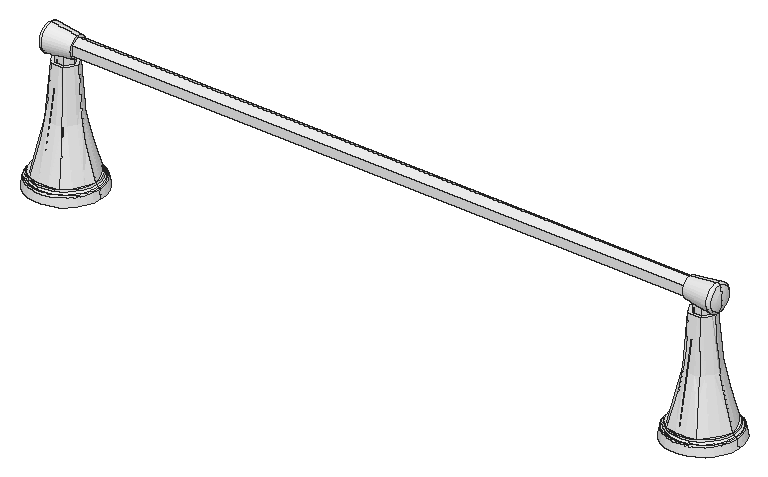
Revit family "Towel_Bar-DXV-Fitzgerald-D35160180_Series", category Specialty Equipment, host Face, Revit 2014
Parameters (values of type "D35160180.100")
  Width = 18"  # constant formula
  URL = "http://www.dxv.com"
  Type Comments = ""
  Product Page URL = "https://www.dxv.com/product/fitzgerald-18-inch-towel-bar"
  Product Documentation Link = "https://dxv01.blob.core.windows.net/dxv-product-pdf-files/spec_D35160180_DXV_Fitzgerald_18in_towelbar_EN.pdf"
  Price = "Prices may vary. Please consult Manufacturer Representative for most up-to-date price list."  # constant formula
  Model = "D35160180.100"
  Material = "Metal-DXV-100-Polished Chrome"
  Finish = Metal-DXV-100-Polished Chrome
  Manufacturer = "DXV"
  Length = 4"  # constant formula
  Installation Type = "Wall Mounted"
  Height = 2"  # constant formula
  Description = "Fitzgerald 18\" Towel Bar"
  Default Elevation = 40"  # constant formula
  Creation Date = "10/25/2018"  # constant formula
  Assembly Code = "E1090400"
Types (4): name | Model | Material | Finish
  (no name) | "D35160180.100" | "Metal-DXV-100-Polished Chrome" | Metal-DXV-100-Polished Chrome
  D35160180.100 | "D35160180.100" | "Metal-DXV-100-Polished Chrome" | Metal-DXV-100-Polished Chrome
  D35160180.144 | "D35160180.144" | "Metal-DXV-144-Brushed Nickel" | Metal-DXV-144-Brushed Nickel
  D35160180.150 | "D35160180.150" | "Metal-DXV-150-Platinum Nickel" | Metal-DXV-150-Platinum Nickel
Reference planes (in)
  plane 1 "Center (Front/Back)": y = 0
  plane 2: z = 0
  plane 3 "Center (Left/Right)": x = 0
  plane 4: x = -9
  plane 5: x = 9
  plane 6: x = -10
  plane 7: x = -8
  plane 8: x = 10
  plane 9: x = 8
  plane 10: y = 1
  plane 11: y = -1
  plane 12: z = 4
  plane 13: z = 3.625
Forms (in)
  Revolve 1, solid, material "Metal-DXV-100-Polished Chrome" <- "Finish"
    sketch origin (0, 0, 0) x (1, 0, 0) y (0, 0, 1)
      loop
        line (9, 0) -> (10, 0) -> (9.95994, 0.2272)
        arc (9.95994, 0.2272) -> (9.95284, 0.24333) -> (9.9391, 0.25436) r 0.03707
        line (9.9391, 0.25436) -> (9.90162, 0.27183)
        arc (9.90162, 0.27183) -> (9.87732, 0.29134) -> (9.86477, 0.31986) r 0.06555
        line (9.86477, 0.31986) -> (9.85725, 0.36251) -> (9, 0.36251) -> (9, 0)
      axis (9, 0.36251) -> (9, 0)
    angle from 0 to 360
  Revolve 2, solid, material "Metal-DXV-100-Polished Chrome" <- "Finish"
    sketch origin (0, 0, 0) x (-1, 0, 0) y (0, 0, -1)
      loop
        line (9, 0) -> (9, -0.36251) -> (9.85725, -0.36251) -> (9.86477, -0.31986)
        arc (9.86477, -0.31986) -> (9.87732, -0.29134) -> (9.90162, -0.27183) r 0.06555
        line (9.90162, -0.27183) -> (9.9391, -0.25436)
        arc (9.9391, -0.25436) -> (9.95284, -0.24333) -> (9.95994, -0.2272) r 0.03707
        line (9.95994, -0.2272) -> (10, 0) -> (9, 0)
      axis (9, -0.36251) -> (9, 0)
    angle from 0 to 360
  Sweep 3, solid, material "Metal-DXV-100-Polished Chrome" <- "Finish"
    path origin (0, 0, 0) x (-1, 0, 0) y (0, 1, 0)
      loop
        arc (-9.84535, 0) -> (-9.68233, -0.39394) -> (-9.42267, -0.73209) r 1.62891
        arc (-9.42267, -0.73209) -> (-9, -0.78789) -> (-8.57733, -0.73209) r 1.62891
        arc (-8.57733, -0.73209) -> (-8.31767, -0.39394) -> (-8.15465, 0) r 1.62891
        arc (-8.15465, 0) -> (-8.31767, 0.39394) -> (-8.57733, 0.73209) r 1.62891
        arc (-8.57733, 0.73209) -> (-9, 0.78789) -> (-9.42267, 0.73209) r 1.62891
        arc (-9.42267, 0.73209) -> (-9.68229, 0.39392) -> (-9.84535, 0) r 1.63036
    profile origin (9, 0.78789, 0) x (0, -1, 0) y (0, 0, 1)
      loop
        line (0, 0.36251) -> (0.28451, 0.36251) -> (0.60073, 2.93784) -> (0.60073, 3.77025) -> (0.56581, 3.77025) -> (0.56581, 3.16869) -> (0.46102, 3.16869)
        arc (0.46102, 3.16869) -> (0.34427, 1.74691) -> (0, 0.36251) r 8.82597
  Revolve 4, solid, material "Metal-DXV-100-Polished Chrome" <- "Finish"
    sketch origin (0, 0, 0) x (1, 0, 0) y (0, 0, 1)
      loop
        line (8.64363, 3.625) -> (9.54067, 3.625)
        arc (9.54067, 3.625) -> (9.5244, 3.7904) -> (9.47529, 3.94919) r 0.82487
        arc (9.47529, 3.94919) -> (9.43934, 3.98987) -> (9.38613, 4.0007) r 0.08552
        line (9.38613, 4.0007) -> (8.64363, 3.90953) -> (8.64363, 3.625)
      loop
        line (-8.64363, 3.625) -> (-8.64363, 3.90953) -> (-9.38613, 4.0007)
        arc (-9.38613, 4.0007) -> (-9.43934, 3.98987) -> (-9.47529, 3.94919) r 0.08552
        arc (-9.47529, 3.94919) -> (-9.5244, 3.7904) -> (-9.54067, 3.625) r 0.82487
        line (-9.54067, 3.625) -> (-8.64363, 3.625)
      axis (-9.54067, 3.625) -> (9.54067, 3.625)
    angle from 0 to 360
  Sweep 5, solid, material "Metal-DXV-100-Polished Chrome" <- "Finish"
    path origin (0, 0, 0) x (1, 0, 0) y (0, 1, 0)
      loop
        arc (-9.84535, 0) -> (-9.68233, -0.39394) -> (-9.42267, -0.73209) r 1.62891
        arc (-9.42267, -0.73209) -> (-9, -0.78789) -> (-8.57733, -0.73209) r 1.62891
        arc (-8.57733, -0.73209) -> (-8.31767, -0.39394) -> (-8.15465, 0) r 1.62891
        arc (-8.15465, 0) -> (-8.31767, 0.39394) -> (-8.57733, 0.73209) r 1.62891
        arc (-8.57733, 0.73209) -> (-9, 0.78789) -> (-9.42267, 0.73209) r 1.62891
        arc (-9.42267, 0.73209) -> (-9.68229, 0.39392) -> (-9.84535, 0) r 1.63036
    profile origin (-9, 0.78789, 0) x (0, 1, 0) y (0, 0, 1)
      loop
        arc (0, 0.36251) -> (-0.34427, 1.74691) -> (-0.46102, 3.16869) r 8.82597
        line (-0.46102, 3.16869) -> (-0.56581, 3.16869) -> (-0.56581, 3.77025) -> (-0.60073, 3.77025) -> (-0.60073, 2.93784) -> (-0.28451, 0.36251) -> (0, 0.36251)
  Extrusion 6, solid, material "Metal-DXV-100-Polished Chrome" <- "Finish"
    sketch origin (0, 0, 0) x (0, 1, 0) y (0, 0, 1)
      loop
        line (0, 3.88981) -> (-0.22933, 3.75741) -> (-0.22933, 3.49259) -> (0, 3.36019) -> (0.22933, 3.49259) -> (0.22933, 3.75741) -> (0, 3.88981)
    from -8.64363 to 8.64363
Cuts and joins
  joined: Revolve 1, Revolve 2, Sweep 3, Revolve 4, Sweep 5, Extrusion 6
Lines and regions (in)
  Masking region 1
    outline origin (0, 0, 0) x (1, 0, 0) y (0, 0, 1)
      loop
        line (8, 0) -> (10, 0) -> (9.95929, 0.2309)
        arc (9.95929, 0.2309) -> (9.95118, 0.25231) -> (9.93578, 0.26925) r 0.06136
        line (9.93578, 0.26925) -> (9.90326, 0.29376)
        arc (9.90326, 0.29376) -> (9.89136, 0.30687) -> (9.88508, 0.32343) r 0.04747
        line (9.88508, 0.32343) -> (9.87819, 0.36251) -> (9.84535, 0.36251)
        arc (9.84535, 0.36251) -> (9.49196, 1.7464) -> (9.36101, 3.16868) r 9.0375
        line (9.36101, 3.16868) -> (9.24694, 3.16868) -> (9.24694, 3.2677) -> (9.38567, 3.2482)
        arc (9.38567, 3.2482) -> (9.43386, 3.25694) -> (9.46736, 3.29265) r 0.07808
        arc (9.46736, 3.29265) -> (9.5411, 3.61958) -> (9.47337, 3.94781) r 0.79391
        arc (9.47337, 3.94781) -> (9.43465, 3.99024) -> (9.37818, 4.00074) r 0.09033
        line (9.37818, 4.00074) -> (8.64363, 3.90953) -> (8.64363, 3.87036) -> (-8.64363, 3.87036) -> (-8.64363, 3.90953) -> (-9.37818, 4.00074)
        arc (-9.37818, 4.00074) -> (-9.43465, 3.99024) -> (-9.47337, 3.94781) r 0.09033
        arc (-9.47337, 3.94781) -> (-9.5411, 3.61958) -> (-9.46736, 3.29265) r 0.79391
        arc (-9.46736, 3.29265) -> (-9.43386, 3.25694) -> (-9.38567, 3.2482) r 0.07808
        line (-9.38567, 3.2482) -> (-9.24694, 3.2677) -> (-9.24694, 3.16868) -> (-9.36101, 3.16868)
        arc (-9.36101, 3.16868) -> (-9.49196, 1.7464) -> (-9.84535, 0.36251) r 9.0375
        line (-9.84535, 0.36251) -> (-9.87819, 0.36251) -> (-9.88508, 0.32343)
        arc (-9.88508, 0.32343) -> (-9.89136, 0.30687) -> (-9.90326, 0.29376) r 0.04747
        line (-9.90326, 0.29376) -> (-9.93578, 0.26925)
        arc (-9.93578, 0.26925) -> (-9.95118, 0.25231) -> (-9.95929, 0.2309) r 0.06136
        line (-9.95929, 0.2309) -> (-10, 0) -> (-8, 0) -> (-8.04071, 0.2309)
        arc (-8.04071, 0.2309) -> (-8.04882, 0.25231) -> (-8.06422, 0.26925) r 0.06136
        line (-8.06422, 0.26925) -> (-8.09674, 0.29376)
        arc (-8.09674, 0.29376) -> (-8.10864, 0.30687) -> (-8.11492, 0.32343) r 0.04747
        line (-8.11492, 0.32343) -> (-8.12181, 0.36251) -> (-8.15465, 0.36251)
        arc (-8.15465, 0.36251) -> (-8.50804, 1.7464) -> (-8.63899, 3.16868) r 9.0375
        line (-8.63899, 3.16868) -> (-8.75306, 3.16868) -> (-8.75306, 3.32897) -> (-8.64363, 3.34047) -> (-8.64363, 3.37964) -> (8.64363, 3.37964) -> (8.64363, 3.34047) -> (8.75306, 3.32897) -> (8.75306, 3.16868) -> (8.63899, 3.16868)
        arc (8.63899, 3.16868) -> (8.50804, 1.7464) -> (8.15465, 0.36251) r 9.0375
        line (8.15465, 0.36251) -> (8.12181, 0.36251) -> (8.11492, 0.32343)
        arc (8.11492, 0.32343) -> (8.10864, 0.30687) -> (8.09674, 0.29376) r 0.04747
        line (8.09674, 0.29376) -> (8.06422, 0.26925)
        arc (8.06422, 0.26925) -> (8.04882, 0.25231) -> (8.04071, 0.2309) r 0.06136
        line (8.04071, 0.2309) -> (8, 0)
  symbolic lines, detail levels medium+fine
    curve 1: line (9.24803, 0, 3.16869) -> (8.74803, 0, 3.16869)
    curve 2: line (9.24805, 0, 3.2662) -> (8.75306, 0, 3.32897)
    curve 9: line (-9.24803, 0, 3.16869) -> (-8.74803, 0, 3.16869)
    curve 10: line (-9.24805, 0, 3.2662) -> (-8.75306, 0, 3.32897)
  symbolic lines, detail levels fine
    curve 3: line (8.64363, 0, 3.87036) -> (8.64363, 0, 3.36019)
    curve 4: line (9.84535, 0, 0.36251) -> (8.15465, 0, 0.36251)
    curve 5: arc (9.12403, 0, 3.16869) -> (9.24565, 0, 1.76265) -> (9.42267, 0, 0.36251) r 35.74955
    curve 6: arc (8.87597, 0, 3.16869) -> (8.75435, 0, 1.76265) -> (8.57733, 0, 0.36251) r 35.74955
    curve 7: line (8.64363, 0, 3.75741) -> (-8.64363, 0, 3.75741)
    curve 8: line (8.64363, 0, 3.49259) -> (-8.64363, 0, 3.49259)
    curve 11: line (-8.64363, 0, 3.87036) -> (-8.64363, 0, 3.36019)
    curve 12: line (-9.84535, 0, 0.36251) -> (-8.15465, 0, 0.36251)
    curve 13: arc (-9.12403, 0, 3.16869) -> (-9.24565, 0, 1.76265) -> (-9.42267, 0, 0.36251) r 35.74955
    curve 14: arc (-8.87597, 0, 3.16869) -> (-8.75435, 0, 1.76265) -> (-8.57733, 0, 0.36251) r 35.74955
Dimensions and locks (in)
  equal spacing: plane 4, plane 3 "Center (Left/Right)", plane 5
  "Width": plane 4 to plane 5
  equal spacing: plane 6, plane 4, plane 7
  "Height": plane 6 to plane 7
  "Height": plane 8 to plane 9
  equal spacing: plane 9, plane 5, plane 8
  equal spacing: plane 10, plane 1 "Center (Front/Back)", plane 11
  "Height": plane 10 to plane 11
  "Length": level to plane 12
  locked: level to plane 13 at 3.625
  locked: level to Revolve 1 sketch curve at 0.36251
  locked: plane 4 to Revolve 2 sketch curve at 0.85725
  locked: level to Revolve 2 sketch curve at 0.36251
  locked: plane 5 to Revolve 1 sketch curve at 0.85725
  locked: Revolve 4 sketch curve to plane 5 at 0.35637
  locked: plane 5 to Revolve 4 sketch curve at 0.54067
  aligned and locked: plane 2 to host face
  aligned and locked: level to host face
  aligned and locked: level to Revolve 1 sketch curve  (x2)
  aligned and locked: Revolve 1 sketch curve to plane 5
  aligned and locked: plane 5 to Revolve 1 sketch curve
  aligned and locked: Revolve 2 sketch curve to level
  aligned and locked: plane 4 to Revolve 2 sketch curve  (x2)
  aligned and locked: plane 6 to Revolve 2 sketch curve
  aligned and locked: level to Revolve 2 sketch curve
  aligned and locked: plane 8 to Revolve 1 sketch curve
  aligned and locked: Revolve 4 to Extrusion 6
  aligned and locked: Extrusion 6 to Revolve 4
Automatic sketch dimensions
  host sketch curve to host sketch curve = 96"  (x2)
  Extrusion 6 sketch curve to plane 1 "Center (Front/Back)" = 0"  (x2)
  plane 1 "Center (Front/Back)" to Extrusion 6 sketch curve = 0.22933"
  Extrusion 6 sketch curve to plane 1 "Center (Front/Back)" = 0.22933"
  Extrusion 6 sketch curve to plane 13 = 0.26481"
  Extrusion 6 sketch curve to plane 13 = 0.13241"  (x2)
  plane 13 to Extrusion 6 sketch curve = 0.13241"  (x2)
  Extrusion 6 sketch curve to plane 12 = 0.11019"
  plane 12 to curve 13 = 1.54594"
  curve 13 to plane 6 = 34.79445"
  plane 12 to curve 6 = 1.54594"
  curve 6 to plane 6 = 16.79445"
  plane 12 to curve 14 = 1.54594"
  curve 14 to plane 8 = 16.79445"
  plane 12 to curve 5 = 1.54594"
  curve 14 to curve 5 = 18"
  plane 6 to curve 12 = 0.15465"
  curve 13 to plane 4 = 0.42267"
  curve 10 to plane 4 = 0.24805"
  curve 10 to curve 9 = 0"
  curve 9 to curve 13 = 0.124"
  plane 4 to curve 14 = 0.12403"
  curve 14 to curve 10 = 0.12292"
  curve 14 to curve 9 = 0.12794"
  curve 10 to curve 11 = 0.10943"
  plane 7 to curve 12 = 0.15465"
  plane 9 to curve 4 = 0.15465"
  plane 5 to curve 6 = 0.42267"
  plane 5 to curve 3 = 0.35637"
  curve 3 to curve 1 = 0.1044"
  curve 3 to curve 2 = 0.10943"
  plane 5 to curve 6 = 0.12403"
  curve 5 to plane 5 = 0.12403"
  curve 5 to curve 1 = 0.124"
  curve 1 to curve 2 = 0"
  plane 8 to curve 4 = 0.15465"
  curve 11 to plane 12 = 0.12964"
  curve 3 to plane 12 = 0.12964"
  curve 7 to curve 3 = 0.11296"
  curve 8 to plane 13 = 0.13241"
  curve 3 to curve 8 = 0.13241"
  curve 11 to curve 8 = 0.13241"
  curve 10 to curve 11 = 0.03122"
  curve 2 to curve 3 = 0.03122"
  curve 2 to plane 13 = 0.3588"
  curve 10 to plane 13 = 0.3588"
  curve 1 to curve 2 = 0.09751"
  curve 9 to curve 10 = 0.09751"
  Revolve 1 sketch curve to Revolve 1 sketch curve = 0.00752"
  Revolve 1 sketch curve to Revolve 1 sketch curve = 0.03685"
  Revolve 1 sketch curve to Revolve 1 sketch curve = 0.02182"
  Revolve 1 sketch curve to Revolve 1 sketch curve = 0.06456"
  Revolve 1 sketch curve to Revolve 1 sketch curve = 0.01567"
  Revolve 1 sketch curve to Revolve 1 sketch curve = 0.02084"
  Revolve 1 sketch curve to Revolve 1 sketch curve = 0.14175"
  Revolve 1 sketch curve to Revolve 1 sketch curve = 0.00644"
  Revolve 1 sketch curve to Revolve 1 sketch curve = 0.01748"
  Revolve 1 sketch curve to Revolve 1 sketch curve = 0.04265"
  Revolve 1 sketch curve to Revolve 1 sketch curve = 0.38681"
  Revolve 1 sketch curve to Revolve 1 sketch curve = 0.17348"
  Revolve 2 sketch curve to Revolve 2 sketch curve = 0.00752"
  Revolve 2 sketch curve to Revolve 2 sketch curve = 0.03685"
  Revolve 2 sketch curve to Revolve 2 sketch curve = 0.02182"
  Revolve 2 sketch curve to Revolve 2 sketch curve = 0.0277"
  Revolve 2 sketch curve to Revolve 2 sketch curve = 0.01567"
  Revolve 2 sketch curve to Revolve 2 sketch curve = 0.02084"
  Revolve 2 sketch curve to Revolve 2 sketch curve = 1/32"
  Revolve 2 sketch curve to Revolve 2 sketch curve = 0.04265"
  Revolve 2 sketch curve to Revolve 2 sketch curve = 0.01748"
  Revolve 2 sketch curve to Revolve 2 sketch curve = 0.02716"
  Revolve 2 sketch curve to Revolve 2 sketch curve = 0.38681"
  Revolve 2 sketch curve to Revolve 2 sketch curve = 0.17348"
  plane 1 "Center (Front/Back)" to Sweep 3 sketch curve = 0"  (x2)
  Sweep 3 sketch curve to plane 5 = 0"  (x2)
  Sweep 3 sketch curve to plane 8 = 0.27166"  (x2)
  Sweep 3 sketch curve to plane 9 = 0.27166"
  Sweep 3 sketch curve to plane 9 = 0.27035"
  Sweep 3 sketch curve to plane 1 "Center (Front/Back)" = 0.42051"
  Sweep 3 sketch curve to plane 1 "Center (Front/Back)" = 0.42126"
  plane 11 to Sweep 3 sketch curve = 0.15898"
  plane 1 "Center (Front/Back)" to Sweep 3 sketch curve = 0.42051"  (x2)
  plane 10 to Sweep 3 sketch curve = 0.15898"
  plane 5 to Sweep 3 sketch curve = 0.42267"  (x2)
  plane 10 to Sweep 3 sketch curve = 0.26791"
  plane 11 to Sweep 3 sketch curve = 0.26791"
  Sweep 3 sketch curve to profile plane = 0"
  level to Sweep 3 sketch curve = 3.17773"
  profile plane to Sweep 3 sketch curve = 8.36494"
  Sweep 3 sketch curve to Sweep 3 sketch curve = 0.28451"
  Sweep 3 sketch curve to profile plane = 0.46102"
  Sweep 3 sketch curve to profile plane = 0.56581"
  Sweep 3 sketch curve to Sweep 3 sketch curve = 0.03492"
  level to Sweep 3 sketch curve = 3.16869"
  Sweep 3 sketch curve to Sweep 3 sketch curve = 0.23085"
  Sweep 3 sketch curve to Sweep 3 sketch curve = 77/128"
  Revolve 4 sketch curve to plane 13 = 0"  (x3)
  plane 4 to Revolve 4 sketch curve = 0.35637"
  plane 13 to Revolve 4 sketch curve = 0.00234"  (x2)
  Revolve 4 sketch curve to Revolve 4 sketch curve = 0.07217"  (x2)
  plane 12 to Revolve 4 sketch curve = 0.0007"  (x2)
  Revolve 4 sketch curve to plane 4 = 0.38613"
  Revolve 4 sketch curve to Revolve 4 sketch curve = 0.01042"  (x2)
  Revolve 4 sketch curve to Revolve 4 sketch curve = 0.14411"
  Revolve 4 sketch curve to plane 5 = 0.38613"
  Revolve 4 sketch curve to plane 12 = 0.09047"  (x2)
  Revolve 4 sketch curve to plane 12 = 0.08418"  (x2)
  Revolve 4 sketch curve to Revolve 4 sketch curve = 0.03474"
  Revolve 4 sketch curve to Revolve 4 sketch curve = 1/4"
  plane 1 "Center (Front/Back)" to Sweep 5 sketch curve = 0"  (x2)
  Sweep 5 sketch curve to plane 4 = 0"  (x2)
  plane 6 to Sweep 5 sketch curve = 0.27166"  (x2)
  plane 7 to Sweep 5 sketch curve = 0.27166"
  plane 7 to Sweep 5 sketch curve = 0.27035"
  plane 1 "Center (Front/Back)" to Sweep 5 sketch curve = 0.42051"
  plane 1 "Center (Front/Back)" to Sweep 5 sketch curve = 0.42126"
  Sweep 5 sketch curve to plane 11 = 0.15898"
  Sweep 5 sketch curve to plane 1 "Center (Front/Back)" = 0.42051"  (x2)
  Sweep 5 sketch curve to plane 10 = 0.15898"
  Sweep 5 sketch curve to plane 4 = 0.42267"  (x2)
  Sweep 5 sketch curve to plane 10 = 0.26791"
  Sweep 5 sketch curve to plane 11 = 0.26791"
  Sweep 5 sketch curve to profile plane = 0"
  profile plane to Sweep 5 sketch curve = 0.28451"
  profile plane to Sweep 5 sketch curve = 0.46102"
  profile plane to Sweep 5 sketch curve = 0.56581"
  Sweep 5 sketch curve to Sweep 5 sketch curve = 0.03492"
  level to Sweep 5 sketch curve = 3.17773"
  Sweep 5 sketch curve to profile plane = 8.36494"
  level to Sweep 5 sketch curve = 3.16869"
  Sweep 5 sketch curve to Sweep 5 sketch curve = 0.23085"
  Sweep 5 sketch curve to Sweep 5 sketch curve = 77/128"
  Masking region 1 sketch curve to level = 0"  (x2)
  Masking region 1 sketch curve to plane 6 = 0"
  plane 7 to Masking region 1 sketch curve = 0"
  Masking region 1 sketch curve to plane 9 = 0"
  plane 8 to Masking region 1 sketch curve = 0"
  Masking region 1 sketch curve to plane 13 = 0.34147"  (x2)
  Masking region 1 sketch curve to plane 6 = 8.39778"
  plane 6 to Masking region 1 sketch curve = 0.04071"
  Masking region 1 sketch curve to Masking region 1 sketch curve = 0.0235"  (x2)
  Masking region 1 sketch curve to Masking region 1 sketch curve = 0.00395"  (x2)
  Masking region 1 sketch curve to Masking region 1 sketch curve = 0.03252"  (x4)
  Masking region 1 sketch curve to Masking region 1 sketch curve = 0.03693"  (x2)
  Masking region 1 sketch curve to Masking region 1 sketch curve = 0.01818"  (x4)
  Masking region 1 sketch curve to Masking region 1 sketch curve = 0.00689"  (x4)
  Masking region 1 sketch curve to Masking region 1 sketch curve = 0.03284"  (x4)
  Masking region 1 sketch curve to plane 4 = 0.39654"
  Masking region 1 sketch curve to plane 12 = 0.08871"  (x2)
  Masking region 1 sketch curve to plane 4 = 0.39075"
  Masking region 1 sketch curve to Masking region 1 sketch curve = 0.01087"  (x2)
  plane 12 to Masking region 1 sketch curve = 0.00074"  (x2)
  Masking region 1 sketch curve to Masking region 1 sketch curve = 0.01257"  (x2)
  Masking region 1 sketch curve to Masking region 1 sketch curve = 0.02466"  (x2)
  Masking region 1 sketch curve to Masking region 1 sketch curve = 0.11407"  (x3)
  plane 4 to Masking region 1 sketch curve = 0.24694"
  plane 13 to Masking region 1 sketch curve = 0.00187"  (x2)
  plane 4 to Masking region 1 sketch curve = 0.25277"
  Masking region 1 sketch curve to Masking region 1 sketch curve = 0.10943"  (x2)
  Masking region 1 sketch curve to plane 12 = 0.09047"  (x2)
  Masking region 1 sketch curve to Masking region 1 sketch curve = 0.1036"
  plane 7 to Masking region 1 sketch curve = 0.15465"
  plane 7 to Masking region 1 sketch curve = 0.10114"
  Masking region 1 sketch curve to Masking region 1 sketch curve = 0.04675"
  plane 7 to Masking region 1 sketch curve = 0.04071"
  Masking region 1 sketch curve to plane 3 "Center (Left/Right)" = 0.39778"
  plane 3 "Center (Left/Right)" to Masking region 1 sketch curve = 0.39778"
  plane 9 to Masking region 1 sketch curve = 0.04071"
  plane 5 to Masking region 1 sketch curve = 0.36101"
  plane 5 to Masking region 1 sketch curve = 0.35637"
  Masking region 1 sketch curve to Masking region 1 sketch curve = 0.00464"
  plane 5 to Masking region 1 sketch curve = 0.25277"
  Masking region 1 sketch curve to plane 5 = 0.24694"
  Masking region 1 sketch curve to plane 5 = 0.37818"
  plane 8 to Masking region 1 sketch curve = 0.15465"
  plane 8 to Masking region 1 sketch curve = 0.10114"
  Masking region 1 sketch curve to Masking region 1 sketch curve = 0.02857"
  plane 8 to Masking region 1 sketch curve = 0.04071"
  Masking region 1 sketch curve to plane 8 = 8.39778"
  level to Masking region 1 sketch curve = 0.22025"  (x4)
  Masking region 1 sketch curve to Masking region 1 sketch curve = 0.01066"  (x4)
  Masking region 1 sketch curve to Masking region 1 sketch curve = 0.02451"  (x4)
  Masking region 1 sketch curve to Masking region 1 sketch curve = 0.02967"  (x4)
  Masking region 1 sketch curve to Masking region 1 sketch curve = 5/128"  (x4)
  Masking region 1 sketch curve to plane 13 = 0.45632"  (x2)
  Masking region 1 sketch curve to Masking region 1 sketch curve = 0.07952"  (x2)
  Masking region 1 sketch curve to Masking region 1 sketch curve = 0.09902"  (x2)
  Masking region 1 sketch curve to Masking region 1 sketch curve = 0.07732"  (x2)
  Masking region 1 sketch curve to Masking region 1 sketch curve = 0.16028"  (x2)
  Masking region 1 sketch curve to Masking region 1 sketch curve = 0.0115"  (x2)
  Masking region 1 sketch curve to Masking region 1 sketch curve = 0.03917"  (x2)
  Masking region 1 sketch curve to Masking region 1 sketch curve = 0"  (x2)
